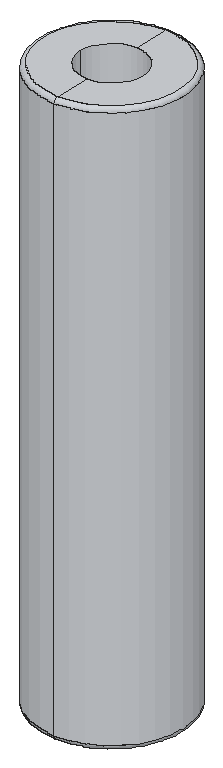
Revit family "RRHDWSSPCR", category Generic Models, Revit 2018
Family settings
  Can host rebar = No
  Round Connector Dimension = Use Diameter
  Part Type = Normal
  Work Plane-Based = Yes
  Always vertical = No
  Cut with Voids When Loaded = No
  Shared = Yes
  Room Calculation Point = No
Parameters (values of type "RRHDWSSPCR4")
  Spacer Material = none
  Ship Complete Level [instance] = ""
  Required Date [instance] = ""
  Length = 4.000"
  Job [instance] = ""
  Group/Run [instance] = ""
  Description = "Spacer 304 1 Inch Diameter X 4 Inch long"
  Default Elevation = 48.000"
  Custom [instance] = ""
  Catalog Number = "RRHDWSSPCR4"
  Assembly Name [instance] = ""
  Assembly ID [instance] = ""
Types (3): name | Length | Description | Catalog Number
  RRHDWSSPCR1 | 1.000" | "Spacer 304 1 Inch Diameter X 1 Inch long" | "RRHDWSSPCR1"
  RRHDWSSPCR2 | 2.000" | "Spacer 304 1 Inch Diameter X 2 Inch long" | "RRHDWSSPCR2"
  RRHDWSSPCR4 | 4.000" | "Spacer 304 1 Inch Diameter X 4 Inch long" | "RRHDWSSPCR4"
Reference planes (in)
  plane 1 "Center (Front/Back)": y = 0
  plane 2: z = 0
  plane 3 "Center (Left/Right)": x = 0
  plane 4 "outer": x = -0.5
  plane 5 "vTop": z = 4
Forms (in)
  Revolve 1, solid, material <- "Spacer Material"
    sketch origin (0, 0, 0) x (0, 1, 0) y (0, 0, 1)
      loop
        line (0.5, 0.03) -> (0.5, 3.97)
        arc (0.5, 3.97) -> (0.49121, 3.99121) -> (0.47, 4) r 0.03
        line (0.47, 4) -> (0, 4) -> (0, 0) -> (0.47, 0)
        arc (0.47, 0) -> (0.49121, 0.00879) -> (0.5, 0.03) r 0.03
      axis (0, 4) -> (0, 0)
    angle from 0 to 360
  Extrusion 2, void
    sketch origin (0, 0, 0) x (1, 0, 0) y (0, 1, 0)
      loop
        circle (0, 0) r 0.22
    from 0 to 4
Cuts and joins
  Extrusion 2 cuts Revolve 1
Dimensions and locks (in)
  locked: plane 4 "outer" to plane 3 "Center (Left/Right)" at 0.5
  "Length": plane 5 "vTop" to level
  aligned and locked: plane 2 to level
  aligned and locked: Extrusion 2 to plane 5 "vTop"
Automatic sketch dimensions
  plane 1 "Center (Front/Back)" to Extrusion 2 sketch curve = 0.000"
  Extrusion 2 sketch curve to plane 3 "Center (Left/Right)" = 0.000"
  Revolve 1 sketch curve to plane 1 "Center (Front/Back)" = 0.000"  (x2)
  Revolve 1 sketch curve to level = 0.000"
  plane 5 "vTop" to Revolve 1 sketch curve = 0.000"
  Revolve 1 sketch curve to plane 1 "Center (Front/Back)" = 0.470"  (x2)
  plane 5 "vTop" to Revolve 1 sketch curve = 0.030"
  Revolve 1 sketch curve to level = 4.500"
  Revolve 1 sketch curve to Revolve 1 sketch curve = 4.500"
  radius of Extrusion 2 sketch curve = 0.220"
